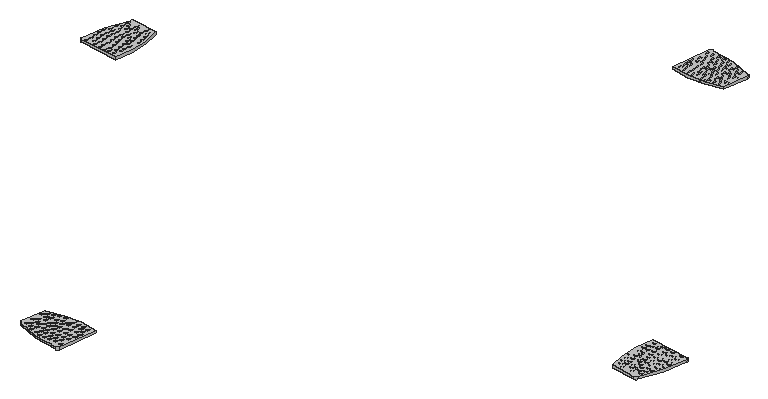
Revit family "PS-C43RTLP z", category Generic Models, host Ceiling, Revit 2016
Family settings
  Host = Ceiling
  Part Type = Normal
  Can host rebar = No
  Round Connector Dimension = Use Diameter
  Work Plane-Based = No
  Always vertical = Yes
  Cut with Voids When Loaded = No
  Shared = No
  Room Calculation Point = No
Parameters (values of type "Default")
  Width = "9.13"
  Weight Product = "6"
  Weight Dimensional = "12.8"
  Speaker Data Link = "http://www.sonance.com/assets/media/files/downloads/PS_C43RT_040457.gll"
  Sensitivity = "87"
  SPL Max = "105"
  Regulatory Compliance = "UL 1480, UL 2043, NFPA 90A, NFPA 70"
  Product Page URL = "https://www.sonance.com/professionalseries/psc43rtlp"
  Product Documentation Link = "https://www.sonance.com/assets/media/files/downloads/Pro_Series_Spec_Sheet_No_Pricing_040802.pdf"
  Power Peak = "60"
  Power Handling = "60"
  Part Number = "45181"
  Model = "PS-C43RTLP"
  Manufacturer URL = "https://www.sonance.com"
  Manufacturer = "Sonance"
  Low-Frequency Driver = "4” (100mm) Polypropylene Cone, Butyl Rubber Surround"
  Knockout = "one back-mounted, one side-mounted 0.75\""
  Input Connector = "Four pin Euroblock with loop output connections"
  Impedance = "8"
  High-Frequency Driver = "1” (25mm) Cloth Dome, Pivoting, Ferrofluid cooled"
  Height = "9.13"
  Grille = "Supplied with bezel-less white grille. Optional black grille, or square adapter with black or white grille"
  Frequency Range (-3dB) = "75Hz-20kHz"
  Frequency Range (-10dB) = "57Hz-25kHz"
  Directivity Factor (Q) = "7.6"
  Directivity (DI) = "8.1"
  Description = "4\" 2-way Round Low-profile In-ceiling Speaker with 70V/100V transformer for commercial applications"
  Depth = "3.43"
  Coverage Vertical = "120"
  Coverage Horizontal = "120"
  70V Taps = "3.8, 7.5, 15, 30"
  100V Taps = "7.5, 15, 30"
Reference planes
  plane 1 "Center (Front/Back)": y = 0
  plane 2 "Ceiling": z = 2438.4
  plane 3 "Center (Left/Right)": x = 0
  plane 4 "a": z = 2457.6
Forms (mm)
  Extrusion 1, solid, material "192-192-192-0-0.400000005960464_(1)"
    sketch origin (0, 0, 2457.6) x (0, -1, 0) y (1, 0, 0)
      loop
        line (-88.795, 27.95) -> (-95.991, 28.961)
        arc (-95.991, 28.961) -> (-96.42, 28.899) -> (-96.685, 28.555) r 0.578
        arc (-96.685, 28.555) -> (-99.082, 22.131) -> (-100.362, 15.395) r 40.543
        arc (-100.362, 15.395) -> (-100.313, 14.951) -> (-99.963, 14.675) r 0.577
        line (-99.963, 14.675) -> (-88.813, 13.108)
        arc (-88.813, 13.108) -> (-87.799, 20.527) -> (-88.795, 27.95) r 27.891
      loop
        line (-98.07, 21.344) -> (-98.705, 22.116) -> (-99.056, 21.18) -> (-98.07, 21.344)
      loop
        line (-98.157, 19.764) -> (-98.792, 20.536) -> (-99.143, 19.6) -> (-98.157, 19.764)
      loop
        line (-98.153, 18.234) -> (-98.789, 19.006) -> (-99.14, 18.07) -> (-98.153, 18.234)
      loop
        line (-98.083, 16.643) -> (-98.718, 17.415) -> (-99.069, 16.479) -> (-98.083, 16.643)
      loop
        line (-98.17, 15.063) -> (-98.805, 15.835) -> (-99.156, 14.899) -> (-98.17, 15.063)
      loop
        line (-96.268, 22.115) -> (-96.903, 22.887) -> (-97.254, 21.95) -> (-96.268, 22.115)
      loop
        line (-96.624, 20.743) -> (-97.259, 21.515) -> (-97.61, 20.579) -> (-96.624, 20.743)
      loop
        line (-96.711, 19.163) -> (-97.346, 19.936) -> (-97.697, 18.999) -> (-96.711, 19.163)
      loop
        line (-96.707, 17.633) -> (-97.343, 18.406) -> (-97.694, 17.469) -> (-96.707, 17.633)
      loop
        line (-96.637, 16.042) -> (-97.272, 16.814) -> (-97.623, 15.878) -> (-96.637, 16.042)
      loop
        line (-94.985, 22.566) -> (-95.62, 23.338) -> (-95.971, 22.401) -> (-94.985, 22.566)
      loop
        line (-95.24, 21.211) -> (-95.875, 21.983) -> (-96.226, 21.047) -> (-95.24, 21.211)
      loop
        line (-95.327, 19.631) -> (-95.962, 20.404) -> (-96.313, 19.467) -> (-95.327, 19.631)
      loop
        line (-95.323, 18.101) -> (-95.959, 18.874) -> (-96.31, 17.937) -> (-95.323, 18.101)
      loop
        line (-95.253, 16.51) -> (-95.888, 17.282) -> (-96.239, 16.346) -> (-95.253, 16.51)
      loop
        line (-95.339, 14.93) -> (-95.975, 15.703) -> (-96.326, 14.766) -> (-95.339, 14.93)
      loop
        line (-93.516, 22.138) -> (-94.151, 22.91) -> (-94.502, 21.974) -> (-93.516, 22.138)
      loop
        line (-93.729, 20.566) -> (-94.365, 21.339) -> (-94.716, 20.402) -> (-93.729, 20.566)
      loop
        line (-93.719, 18.921) -> (-94.355, 19.693) -> (-94.706, 18.757) -> (-93.719, 18.921)
      loop
        line (-93.586, 17.303) -> (-94.222, 18.075) -> (-94.573, 17.139) -> (-93.586, 17.303)
      loop
        line (-93.807, 15.909) -> (-94.442, 16.681) -> (-94.793, 15.745) -> (-93.807, 15.909)
      loop
        line (-92.177, 22.935) -> (-92.813, 23.707) -> (-93.164, 22.77) -> (-92.177, 22.935)
      loop
        line (-92.456, 21.407) -> (-93.091, 22.179) -> (-93.442, 21.243) -> (-92.456, 21.407)
      loop
        line (-92.389, 20.054) -> (-93.025, 20.826) -> (-93.375, 19.889) -> (-92.389, 20.054)
      loop
        line (-92.103, 18.662) -> (-92.738, 19.434) -> (-93.089, 18.498) -> (-92.103, 18.662)
      loop
        line (-91.727, 17.242) -> (-92.363, 18.014) -> (-92.714, 17.077) -> (-91.727, 17.242)
      loop
        line (-91.587, 15.649) -> (-92.222, 16.421) -> (-92.573, 15.485) -> (-91.587, 15.649)
      loop
        line (-91.319, 22.024) -> (-91.954, 22.797) -> (-92.305, 21.86) -> (-91.319, 22.024)
      loop
        line (-90.665, 20.619) -> (-91.3, 21.391) -> (-91.651, 20.455) -> (-90.665, 20.619)
      loop
        line (-90.361, 19.058) -> (-90.997, 19.83) -> (-91.348, 18.894) -> (-90.361, 19.058)
      loop
        line (-90.066, 17.471) -> (-90.701, 18.243) -> (-91.052, 17.307) -> (-90.066, 17.471)
      loop
        line (-89.903, 15.643) -> (-90.599, 16.489) -> (-90.984, 15.463) -> (-89.903, 15.643)
      loop
        line (-90.158, 27.013) -> (-90.794, 27.785) -> (-91.145, 26.849) -> (-90.158, 27.013)
      loop
        line (-90.437, 25.486) -> (-91.072, 26.258) -> (-91.423, 25.321) -> (-90.437, 25.486)
      loop
        line (-90.37, 24.132) -> (-91.005, 24.904) -> (-91.356, 23.968) -> (-90.37, 24.132)
      loop
        line (-90.084, 22.741) -> (-90.719, 23.513) -> (-91.07, 22.576) -> (-90.084, 22.741)
      loop
        line (-89.708, 21.32) -> (-90.344, 22.092) -> (-90.695, 21.156) -> (-89.708, 21.32)
      loop
        line (-89.568, 19.728) -> (-90.203, 20.5) -> (-90.554, 19.564) -> (-89.568, 19.728)
      loop
        line (-89.3, 26.103) -> (-89.935, 26.875) -> (-90.286, 25.939) -> (-89.3, 26.103)
      loop
        line (-88.646, 24.698) -> (-89.281, 25.47) -> (-89.632, 24.533) -> (-88.646, 24.698)
      loop
        line (-88.342, 23.137) -> (-88.978, 23.909) -> (-89.329, 22.972) -> (-88.342, 23.137)
      loop
        line (-88.047, 21.55) -> (-88.682, 22.322) -> (-89.033, 21.386) -> (-88.047, 21.55)
      loop
        line (-93.204, 27.013) -> (-93.839, 27.785) -> (-94.19, 26.849) -> (-93.204, 27.013)
      loop
        line (-93.482, 25.486) -> (-94.118, 26.258) -> (-94.469, 25.321) -> (-93.482, 25.486)
      loop
        line (-93.259, 23.859) -> (-93.895, 24.631) -> (-94.246, 23.694) -> (-93.259, 23.859)
      loop
        line (-92.346, 26.103) -> (-92.981, 26.875) -> (-93.332, 25.939) -> (-92.346, 26.103)
      loop
        line (-91.691, 24.698) -> (-92.327, 25.47) -> (-92.678, 24.533) -> (-91.691, 24.698)
      loop
        line (-95.72, 27.013) -> (-96.355, 27.785) -> (-96.706, 26.849) -> (-95.72, 27.013)
      loop
        line (-95.998, 25.486) -> (-96.634, 26.258) -> (-96.985, 25.321) -> (-95.998, 25.486)
      loop
        line (-95.58, 24.015) -> (-96.216, 24.787) -> (-96.567, 23.851) -> (-95.58, 24.015)
      loop
        line (-94.862, 26.103) -> (-95.497, 26.875) -> (-95.848, 25.939) -> (-94.862, 26.103)
      loop
        line (-94.207, 24.698) -> (-94.843, 25.47) -> (-95.194, 24.533) -> (-94.207, 24.698)
      loop
        line (-88.564, 18.796) -> (-89.2, 19.568) -> (-89.551, 18.632) -> (-88.564, 18.796)
      loop
        line (-88.843, 17.268) -> (-89.478, 18.041) -> (-89.829, 17.104) -> (-88.843, 17.268)
      loop
        line (-88.776, 15.915) -> (-89.412, 16.687) -> (-89.763, 15.751) -> (-88.776, 15.915)
      loop
        line (-93.593, 14.519) -> (-94.228, 15.291) -> (-94.579, 14.355) -> (-93.593, 14.519)
      loop
        line (-92.126, 14.274) -> (-92.762, 15.046) -> (-93.113, 14.11) -> (-92.126, 14.274)
      loop
        line (-90.938, 14.472) -> (-91.574, 15.244) -> (-91.925, 14.308) -> (-90.938, 14.472)
      loop
        line (-89.47, 14.206) -> (-90.105, 14.978) -> (-90.456, 14.042) -> (-89.47, 14.206)
      loop
        line (-97.278, 22.62) -> (-97.914, 23.393) -> (-98.265, 22.456) -> (-97.278, 22.62)
      loop
        line (-96.864, 24.482) -> (-97.5, 25.254) -> (-97.851, 24.317) -> (-96.864, 24.482)
    from 16.25 to 16.88
  Extrusion 2, solid, material "192-192-192-0-0.400000005960464_(1)"
    sketch origin (0, 0, 2457.6) x (1, 0, 0) y (0, 1, 0)
      loop
        line (-88.795, 27.95) -> (-95.991, 28.961)
        arc (-95.991, 28.961) -> (-96.42, 28.899) -> (-96.685, 28.555) r 0.578
        arc (-96.685, 28.555) -> (-99.082, 22.131) -> (-100.362, 15.395) r 40.543
        arc (-100.362, 15.395) -> (-100.313, 14.951) -> (-99.963, 14.675) r 0.577
        line (-99.963, 14.675) -> (-88.813, 13.108)
        arc (-88.813, 13.108) -> (-87.799, 20.527) -> (-88.795, 27.95) r 27.891
      loop
        line (-98.07, 21.344) -> (-98.705, 22.116) -> (-99.056, 21.18) -> (-98.07, 21.344)
      loop
        line (-98.157, 19.764) -> (-98.792, 20.536) -> (-99.143, 19.6) -> (-98.157, 19.764)
      loop
        line (-98.153, 18.234) -> (-98.789, 19.006) -> (-99.14, 18.07) -> (-98.153, 18.234)
      loop
        line (-98.083, 16.643) -> (-98.718, 17.415) -> (-99.069, 16.479) -> (-98.083, 16.643)
      loop
        line (-98.17, 15.063) -> (-98.805, 15.835) -> (-99.156, 14.899) -> (-98.17, 15.063)
      loop
        line (-96.268, 22.115) -> (-96.903, 22.887) -> (-97.254, 21.95) -> (-96.268, 22.115)
      loop
        line (-96.624, 20.743) -> (-97.259, 21.515) -> (-97.61, 20.579) -> (-96.624, 20.743)
      loop
        line (-96.711, 19.163) -> (-97.346, 19.936) -> (-97.697, 18.999) -> (-96.711, 19.163)
      loop
        line (-96.707, 17.633) -> (-97.343, 18.406) -> (-97.694, 17.469) -> (-96.707, 17.633)
      loop
        line (-96.637, 16.042) -> (-97.272, 16.814) -> (-97.623, 15.878) -> (-96.637, 16.042)
      loop
        line (-94.985, 22.566) -> (-95.62, 23.338) -> (-95.971, 22.401) -> (-94.985, 22.566)
      loop
        line (-95.24, 21.211) -> (-95.875, 21.983) -> (-96.226, 21.047) -> (-95.24, 21.211)
      loop
        line (-95.327, 19.631) -> (-95.962, 20.404) -> (-96.313, 19.467) -> (-95.327, 19.631)
      loop
        line (-95.323, 18.101) -> (-95.959, 18.874) -> (-96.31, 17.937) -> (-95.323, 18.101)
      loop
        line (-95.253, 16.51) -> (-95.888, 17.282) -> (-96.239, 16.346) -> (-95.253, 16.51)
      loop
        line (-95.339, 14.93) -> (-95.975, 15.703) -> (-96.326, 14.766) -> (-95.339, 14.93)
      loop
        line (-93.516, 22.138) -> (-94.151, 22.91) -> (-94.502, 21.974) -> (-93.516, 22.138)
      loop
        line (-93.729, 20.566) -> (-94.365, 21.339) -> (-94.716, 20.402) -> (-93.729, 20.566)
      loop
        line (-93.719, 18.921) -> (-94.355, 19.693) -> (-94.706, 18.757) -> (-93.719, 18.921)
      loop
        line (-93.586, 17.303) -> (-94.222, 18.075) -> (-94.573, 17.139) -> (-93.586, 17.303)
      loop
        line (-93.807, 15.909) -> (-94.442, 16.681) -> (-94.793, 15.745) -> (-93.807, 15.909)
      loop
        line (-92.177, 22.935) -> (-92.813, 23.707) -> (-93.164, 22.77) -> (-92.177, 22.935)
      loop
        line (-92.456, 21.407) -> (-93.091, 22.179) -> (-93.442, 21.243) -> (-92.456, 21.407)
      loop
        line (-92.389, 20.054) -> (-93.025, 20.826) -> (-93.375, 19.889) -> (-92.389, 20.054)
      loop
        line (-92.103, 18.662) -> (-92.738, 19.434) -> (-93.089, 18.498) -> (-92.103, 18.662)
      loop
        line (-91.727, 17.242) -> (-92.363, 18.014) -> (-92.714, 17.077) -> (-91.727, 17.242)
      loop
        line (-91.587, 15.649) -> (-92.222, 16.421) -> (-92.573, 15.485) -> (-91.587, 15.649)
      loop
        line (-91.319, 22.024) -> (-91.954, 22.797) -> (-92.305, 21.86) -> (-91.319, 22.024)
      loop
        line (-90.665, 20.619) -> (-91.3, 21.391) -> (-91.651, 20.455) -> (-90.665, 20.619)
      loop
        line (-90.361, 19.058) -> (-90.997, 19.83) -> (-91.348, 18.894) -> (-90.361, 19.058)
      loop
        line (-90.066, 17.471) -> (-90.701, 18.243) -> (-91.052, 17.307) -> (-90.066, 17.471)
      loop
        line (-89.903, 15.643) -> (-90.599, 16.489) -> (-90.984, 15.463) -> (-89.903, 15.643)
      loop
        line (-90.158, 27.013) -> (-90.794, 27.785) -> (-91.145, 26.849) -> (-90.158, 27.013)
      loop
        line (-90.437, 25.486) -> (-91.072, 26.258) -> (-91.423, 25.321) -> (-90.437, 25.486)
      loop
        line (-90.37, 24.132) -> (-91.005, 24.904) -> (-91.356, 23.968) -> (-90.37, 24.132)
      loop
        line (-90.084, 22.741) -> (-90.719, 23.513) -> (-91.07, 22.576) -> (-90.084, 22.741)
      loop
        line (-89.708, 21.32) -> (-90.344, 22.092) -> (-90.695, 21.156) -> (-89.708, 21.32)
      loop
        line (-89.568, 19.728) -> (-90.203, 20.5) -> (-90.554, 19.564) -> (-89.568, 19.728)
      loop
        line (-89.3, 26.103) -> (-89.935, 26.875) -> (-90.286, 25.939) -> (-89.3, 26.103)
      loop
        line (-88.646, 24.698) -> (-89.281, 25.47) -> (-89.632, 24.533) -> (-88.646, 24.698)
      loop
        line (-88.342, 23.137) -> (-88.978, 23.909) -> (-89.329, 22.972) -> (-88.342, 23.137)
      loop
        line (-88.047, 21.55) -> (-88.682, 22.322) -> (-89.033, 21.386) -> (-88.047, 21.55)
      loop
        line (-93.204, 27.013) -> (-93.839, 27.785) -> (-94.19, 26.849) -> (-93.204, 27.013)
      loop
        line (-93.482, 25.486) -> (-94.118, 26.258) -> (-94.469, 25.321) -> (-93.482, 25.486)
      loop
        line (-93.259, 23.859) -> (-93.895, 24.631) -> (-94.246, 23.694) -> (-93.259, 23.859)
      loop
        line (-92.346, 26.103) -> (-92.981, 26.875) -> (-93.332, 25.939) -> (-92.346, 26.103)
      loop
        line (-91.691, 24.698) -> (-92.327, 25.47) -> (-92.678, 24.533) -> (-91.691, 24.698)
      loop
        line (-95.72, 27.013) -> (-96.355, 27.785) -> (-96.706, 26.849) -> (-95.72, 27.013)
      loop
        line (-95.998, 25.486) -> (-96.634, 26.258) -> (-96.985, 25.321) -> (-95.998, 25.486)
      loop
        line (-95.58, 24.015) -> (-96.216, 24.787) -> (-96.567, 23.851) -> (-95.58, 24.015)
      loop
        line (-94.862, 26.103) -> (-95.497, 26.875) -> (-95.848, 25.939) -> (-94.862, 26.103)
      loop
        line (-94.207, 24.698) -> (-94.843, 25.47) -> (-95.194, 24.533) -> (-94.207, 24.698)
      loop
        line (-88.564, 18.796) -> (-89.2, 19.568) -> (-89.551, 18.632) -> (-88.564, 18.796)
      loop
        line (-88.843, 17.268) -> (-89.478, 18.041) -> (-89.829, 17.104) -> (-88.843, 17.268)
      loop
        line (-88.776, 15.915) -> (-89.412, 16.687) -> (-89.763, 15.751) -> (-88.776, 15.915)
      loop
        line (-93.593, 14.519) -> (-94.228, 15.291) -> (-94.579, 14.355) -> (-93.593, 14.519)
      loop
        line (-92.126, 14.274) -> (-92.762, 15.046) -> (-93.113, 14.11) -> (-92.126, 14.274)
      loop
        line (-90.938, 14.472) -> (-91.574, 15.244) -> (-91.925, 14.308) -> (-90.938, 14.472)
      loop
        line (-89.47, 14.206) -> (-90.105, 14.978) -> (-90.456, 14.042) -> (-89.47, 14.206)
      loop
        line (-97.278, 22.62) -> (-97.914, 23.393) -> (-98.265, 22.456) -> (-97.278, 22.62)
      loop
        line (-96.864, 24.482) -> (-97.5, 25.254) -> (-97.851, 24.317) -> (-96.864, 24.482)
    from 16.25 to 16.88
  Extrusion 3, solid, material "192-192-192-0-0.400000005960464_(1)"
    sketch origin (0, 0, 2457.6) x (0, 1, 0) y (-1, 0, 0)
      loop
        line (-88.795, 27.95) -> (-95.991, 28.961)
        arc (-95.991, 28.961) -> (-96.42, 28.899) -> (-96.685, 28.555) r 0.578
        arc (-96.685, 28.555) -> (-99.082, 22.131) -> (-100.362, 15.395) r 40.543
        arc (-100.362, 15.395) -> (-100.313, 14.951) -> (-99.963, 14.675) r 0.577
        line (-99.963, 14.675) -> (-88.813, 13.108)
        arc (-88.813, 13.108) -> (-87.799, 20.527) -> (-88.795, 27.95) r 27.891
      loop
        line (-98.07, 21.344) -> (-98.705, 22.116) -> (-99.056, 21.18) -> (-98.07, 21.344)
      loop
        line (-98.157, 19.764) -> (-98.792, 20.536) -> (-99.143, 19.6) -> (-98.157, 19.764)
      loop
        line (-98.153, 18.234) -> (-98.789, 19.006) -> (-99.14, 18.07) -> (-98.153, 18.234)
      loop
        line (-98.083, 16.643) -> (-98.718, 17.415) -> (-99.069, 16.479) -> (-98.083, 16.643)
      loop
        line (-98.17, 15.063) -> (-98.805, 15.835) -> (-99.156, 14.899) -> (-98.17, 15.063)
      loop
        line (-96.268, 22.115) -> (-96.903, 22.887) -> (-97.254, 21.95) -> (-96.268, 22.115)
      loop
        line (-96.624, 20.743) -> (-97.259, 21.515) -> (-97.61, 20.579) -> (-96.624, 20.743)
      loop
        line (-96.711, 19.163) -> (-97.346, 19.936) -> (-97.697, 18.999) -> (-96.711, 19.163)
      loop
        line (-96.707, 17.633) -> (-97.343, 18.406) -> (-97.694, 17.469) -> (-96.707, 17.633)
      loop
        line (-96.637, 16.042) -> (-97.272, 16.814) -> (-97.623, 15.878) -> (-96.637, 16.042)
      loop
        line (-94.985, 22.566) -> (-95.62, 23.338) -> (-95.971, 22.401) -> (-94.985, 22.566)
      loop
        line (-95.24, 21.211) -> (-95.875, 21.983) -> (-96.226, 21.047) -> (-95.24, 21.211)
      loop
        line (-95.327, 19.631) -> (-95.962, 20.404) -> (-96.313, 19.467) -> (-95.327, 19.631)
      loop
        line (-95.323, 18.101) -> (-95.959, 18.874) -> (-96.31, 17.937) -> (-95.323, 18.101)
      loop
        line (-95.253, 16.51) -> (-95.888, 17.282) -> (-96.239, 16.346) -> (-95.253, 16.51)
      loop
        line (-95.339, 14.93) -> (-95.975, 15.703) -> (-96.326, 14.766) -> (-95.339, 14.93)
      loop
        line (-93.516, 22.138) -> (-94.151, 22.91) -> (-94.502, 21.974) -> (-93.516, 22.138)
      loop
        line (-93.729, 20.566) -> (-94.365, 21.339) -> (-94.716, 20.402) -> (-93.729, 20.566)
      loop
        line (-93.719, 18.921) -> (-94.355, 19.693) -> (-94.706, 18.757) -> (-93.719, 18.921)
      loop
        line (-93.586, 17.303) -> (-94.222, 18.075) -> (-94.573, 17.139) -> (-93.586, 17.303)
      loop
        line (-93.807, 15.909) -> (-94.442, 16.681) -> (-94.793, 15.745) -> (-93.807, 15.909)
      loop
        line (-92.177, 22.935) -> (-92.813, 23.707) -> (-93.164, 22.77) -> (-92.177, 22.935)
      loop
        line (-92.456, 21.407) -> (-93.091, 22.179) -> (-93.442, 21.243) -> (-92.456, 21.407)
      loop
        line (-92.389, 20.054) -> (-93.025, 20.826) -> (-93.375, 19.889) -> (-92.389, 20.054)
      loop
        line (-92.103, 18.662) -> (-92.738, 19.434) -> (-93.089, 18.498) -> (-92.103, 18.662)
      loop
        line (-91.727, 17.242) -> (-92.363, 18.014) -> (-92.714, 17.077) -> (-91.727, 17.242)
      loop
        line (-91.587, 15.649) -> (-92.222, 16.421) -> (-92.573, 15.485) -> (-91.587, 15.649)
      loop
        line (-91.319, 22.024) -> (-91.954, 22.797) -> (-92.305, 21.86) -> (-91.319, 22.024)
      loop
        line (-90.665, 20.619) -> (-91.3, 21.391) -> (-91.651, 20.455) -> (-90.665, 20.619)
      loop
        line (-90.361, 19.058) -> (-90.997, 19.83) -> (-91.348, 18.894) -> (-90.361, 19.058)
      loop
        line (-90.066, 17.471) -> (-90.701, 18.243) -> (-91.052, 17.307) -> (-90.066, 17.471)
      loop
        line (-89.903, 15.643) -> (-90.599, 16.489) -> (-90.984, 15.463) -> (-89.903, 15.643)
      loop
        line (-90.158, 27.013) -> (-90.794, 27.785) -> (-91.145, 26.849) -> (-90.158, 27.013)
      loop
        line (-90.437, 25.486) -> (-91.072, 26.258) -> (-91.423, 25.321) -> (-90.437, 25.486)
      loop
        line (-90.37, 24.132) -> (-91.005, 24.904) -> (-91.356, 23.968) -> (-90.37, 24.132)
      loop
        line (-90.084, 22.741) -> (-90.719, 23.513) -> (-91.07, 22.576) -> (-90.084, 22.741)
      loop
        line (-89.708, 21.32) -> (-90.344, 22.092) -> (-90.695, 21.156) -> (-89.708, 21.32)
      loop
        line (-89.568, 19.728) -> (-90.203, 20.5) -> (-90.554, 19.564) -> (-89.568, 19.728)
      loop
        line (-89.3, 26.103) -> (-89.935, 26.875) -> (-90.286, 25.939) -> (-89.3, 26.103)
      loop
        line (-88.646, 24.698) -> (-89.281, 25.47) -> (-89.632, 24.533) -> (-88.646, 24.698)
      loop
        line (-88.342, 23.137) -> (-88.978, 23.909) -> (-89.329, 22.972) -> (-88.342, 23.137)
      loop
        line (-88.047, 21.55) -> (-88.682, 22.322) -> (-89.033, 21.386) -> (-88.047, 21.55)
      loop
        line (-93.204, 27.013) -> (-93.839, 27.785) -> (-94.19, 26.849) -> (-93.204, 27.013)
      loop
        line (-93.482, 25.486) -> (-94.118, 26.258) -> (-94.469, 25.321) -> (-93.482, 25.486)
      loop
        line (-93.259, 23.859) -> (-93.895, 24.631) -> (-94.246, 23.694) -> (-93.259, 23.859)
      loop
        line (-92.346, 26.103) -> (-92.981, 26.875) -> (-93.332, 25.939) -> (-92.346, 26.103)
      loop
        line (-91.691, 24.698) -> (-92.327, 25.47) -> (-92.678, 24.533) -> (-91.691, 24.698)
      loop
        line (-95.72, 27.013) -> (-96.355, 27.785) -> (-96.706, 26.849) -> (-95.72, 27.013)
      loop
        line (-95.998, 25.486) -> (-96.634, 26.258) -> (-96.985, 25.321) -> (-95.998, 25.486)
      loop
        line (-95.58, 24.015) -> (-96.216, 24.787) -> (-96.567, 23.851) -> (-95.58, 24.015)
      loop
        line (-94.862, 26.103) -> (-95.497, 26.875) -> (-95.848, 25.939) -> (-94.862, 26.103)
      loop
        line (-94.207, 24.698) -> (-94.843, 25.47) -> (-95.194, 24.533) -> (-94.207, 24.698)
      loop
        line (-88.564, 18.796) -> (-89.2, 19.568) -> (-89.551, 18.632) -> (-88.564, 18.796)
      loop
        line (-88.843, 17.268) -> (-89.478, 18.041) -> (-89.829, 17.104) -> (-88.843, 17.268)
      loop
        line (-88.776, 15.915) -> (-89.412, 16.687) -> (-89.763, 15.751) -> (-88.776, 15.915)
      loop
        line (-93.593, 14.519) -> (-94.228, 15.291) -> (-94.579, 14.355) -> (-93.593, 14.519)
      loop
        line (-92.126, 14.274) -> (-92.762, 15.046) -> (-93.113, 14.11) -> (-92.126, 14.274)
      loop
        line (-90.938, 14.472) -> (-91.574, 15.244) -> (-91.925, 14.308) -> (-90.938, 14.472)
      loop
        line (-89.47, 14.206) -> (-90.105, 14.978) -> (-90.456, 14.042) -> (-89.47, 14.206)
      loop
        line (-97.278, 22.62) -> (-97.914, 23.393) -> (-98.265, 22.456) -> (-97.278, 22.62)
      loop
        line (-96.864, 24.482) -> (-97.5, 25.254) -> (-97.851, 24.317) -> (-96.864, 24.482)
    from 16.25 to 16.88
  Extrusion 4, solid, material "192-192-192-0-0.400000005960464_(1)"
    sketch origin (0, 0, 2457.6) x (-1, 0, 0) y (0, -1, 0)
      loop
        line (-88.795, 27.95) -> (-95.991, 28.961)
        arc (-95.991, 28.961) -> (-96.42, 28.899) -> (-96.685, 28.555) r 0.578
        arc (-96.685, 28.555) -> (-99.082, 22.131) -> (-100.362, 15.395) r 40.543
        arc (-100.362, 15.395) -> (-100.313, 14.951) -> (-99.963, 14.675) r 0.577
        line (-99.963, 14.675) -> (-88.813, 13.108)
        arc (-88.813, 13.108) -> (-87.799, 20.527) -> (-88.795, 27.95) r 27.891
      loop
        line (-98.07, 21.344) -> (-98.705, 22.116) -> (-99.056, 21.18) -> (-98.07, 21.344)
      loop
        line (-98.157, 19.764) -> (-98.792, 20.536) -> (-99.143, 19.6) -> (-98.157, 19.764)
      loop
        line (-98.153, 18.234) -> (-98.789, 19.006) -> (-99.14, 18.07) -> (-98.153, 18.234)
      loop
        line (-98.083, 16.643) -> (-98.718, 17.415) -> (-99.069, 16.479) -> (-98.083, 16.643)
      loop
        line (-98.17, 15.063) -> (-98.805, 15.835) -> (-99.156, 14.899) -> (-98.17, 15.063)
      loop
        line (-96.268, 22.115) -> (-96.903, 22.887) -> (-97.254, 21.95) -> (-96.268, 22.115)
      loop
        line (-96.624, 20.743) -> (-97.259, 21.515) -> (-97.61, 20.579) -> (-96.624, 20.743)
      loop
        line (-96.711, 19.163) -> (-97.346, 19.936) -> (-97.697, 18.999) -> (-96.711, 19.163)
      loop
        line (-96.707, 17.633) -> (-97.343, 18.406) -> (-97.694, 17.469) -> (-96.707, 17.633)
      loop
        line (-96.637, 16.042) -> (-97.272, 16.814) -> (-97.623, 15.878) -> (-96.637, 16.042)
      loop
        line (-94.985, 22.566) -> (-95.62, 23.338) -> (-95.971, 22.401) -> (-94.985, 22.566)
      loop
        line (-95.24, 21.211) -> (-95.875, 21.983) -> (-96.226, 21.047) -> (-95.24, 21.211)
      loop
        line (-95.327, 19.631) -> (-95.962, 20.404) -> (-96.313, 19.467) -> (-95.327, 19.631)
      loop
        line (-95.323, 18.101) -> (-95.959, 18.874) -> (-96.31, 17.937) -> (-95.323, 18.101)
      loop
        line (-95.253, 16.51) -> (-95.888, 17.282) -> (-96.239, 16.346) -> (-95.253, 16.51)
      loop
        line (-95.339, 14.93) -> (-95.975, 15.703) -> (-96.326, 14.766) -> (-95.339, 14.93)
      loop
        line (-93.516, 22.138) -> (-94.151, 22.91) -> (-94.502, 21.974) -> (-93.516, 22.138)
      loop
        line (-93.729, 20.566) -> (-94.365, 21.339) -> (-94.716, 20.402) -> (-93.729, 20.566)
      loop
        line (-93.719, 18.921) -> (-94.355, 19.693) -> (-94.706, 18.757) -> (-93.719, 18.921)
      loop
        line (-93.586, 17.303) -> (-94.222, 18.075) -> (-94.573, 17.139) -> (-93.586, 17.303)
      loop
        line (-93.807, 15.909) -> (-94.442, 16.681) -> (-94.793, 15.745) -> (-93.807, 15.909)
      loop
        line (-92.177, 22.935) -> (-92.813, 23.707) -> (-93.164, 22.77) -> (-92.177, 22.935)
      loop
        line (-92.456, 21.407) -> (-93.091, 22.179) -> (-93.442, 21.243) -> (-92.456, 21.407)
      loop
        line (-92.389, 20.054) -> (-93.025, 20.826) -> (-93.375, 19.889) -> (-92.389, 20.054)
      loop
        line (-92.103, 18.662) -> (-92.738, 19.434) -> (-93.089, 18.498) -> (-92.103, 18.662)
      loop
        line (-91.727, 17.242) -> (-92.363, 18.014) -> (-92.714, 17.077) -> (-91.727, 17.242)
      loop
        line (-91.587, 15.649) -> (-92.222, 16.421) -> (-92.573, 15.485) -> (-91.587, 15.649)
      loop
        line (-91.319, 22.024) -> (-91.954, 22.797) -> (-92.305, 21.86) -> (-91.319, 22.024)
      loop
        line (-90.665, 20.619) -> (-91.3, 21.391) -> (-91.651, 20.455) -> (-90.665, 20.619)
      loop
        line (-90.361, 19.058) -> (-90.997, 19.83) -> (-91.348, 18.894) -> (-90.361, 19.058)
      loop
        line (-90.066, 17.471) -> (-90.701, 18.243) -> (-91.052, 17.307) -> (-90.066, 17.471)
      loop
        line (-89.903, 15.643) -> (-90.599, 16.489) -> (-90.984, 15.463) -> (-89.903, 15.643)
      loop
        line (-90.158, 27.013) -> (-90.794, 27.785) -> (-91.145, 26.849) -> (-90.158, 27.013)
      loop
        line (-90.437, 25.486) -> (-91.072, 26.258) -> (-91.423, 25.321) -> (-90.437, 25.486)
      loop
        line (-90.37, 24.132) -> (-91.005, 24.904) -> (-91.356, 23.968) -> (-90.37, 24.132)
      loop
        line (-90.084, 22.741) -> (-90.719, 23.513) -> (-91.07, 22.576) -> (-90.084, 22.741)
      loop
        line (-89.708, 21.32) -> (-90.344, 22.092) -> (-90.695, 21.156) -> (-89.708, 21.32)
      loop
        line (-89.568, 19.728) -> (-90.203, 20.5) -> (-90.554, 19.564) -> (-89.568, 19.728)
      loop
        line (-89.3, 26.103) -> (-89.935, 26.875) -> (-90.286, 25.939) -> (-89.3, 26.103)
      loop
        line (-88.646, 24.698) -> (-89.281, 25.47) -> (-89.632, 24.533) -> (-88.646, 24.698)
      loop
        line (-88.342, 23.137) -> (-88.978, 23.909) -> (-89.329, 22.972) -> (-88.342, 23.137)
      loop
        line (-88.047, 21.55) -> (-88.682, 22.322) -> (-89.033, 21.386) -> (-88.047, 21.55)
      loop
        line (-93.204, 27.013) -> (-93.839, 27.785) -> (-94.19, 26.849) -> (-93.204, 27.013)
      loop
        line (-93.482, 25.486) -> (-94.118, 26.258) -> (-94.469, 25.321) -> (-93.482, 25.486)
      loop
        line (-93.259, 23.859) -> (-93.895, 24.631) -> (-94.246, 23.694) -> (-93.259, 23.859)
      loop
        line (-92.346, 26.103) -> (-92.981, 26.875) -> (-93.332, 25.939) -> (-92.346, 26.103)
      loop
        line (-91.691, 24.698) -> (-92.327, 25.47) -> (-92.678, 24.533) -> (-91.691, 24.698)
      loop
        line (-95.72, 27.013) -> (-96.355, 27.785) -> (-96.706, 26.849) -> (-95.72, 27.013)
      loop
        line (-95.998, 25.486) -> (-96.634, 26.258) -> (-96.985, 25.321) -> (-95.998, 25.486)
      loop
        line (-95.58, 24.015) -> (-96.216, 24.787) -> (-96.567, 23.851) -> (-95.58, 24.015)
      loop
        line (-94.862, 26.103) -> (-95.497, 26.875) -> (-95.848, 25.939) -> (-94.862, 26.103)
      loop
        line (-94.207, 24.698) -> (-94.843, 25.47) -> (-95.194, 24.533) -> (-94.207, 24.698)
      loop
        line (-88.564, 18.796) -> (-89.2, 19.568) -> (-89.551, 18.632) -> (-88.564, 18.796)
      loop
        line (-88.843, 17.268) -> (-89.478, 18.041) -> (-89.829, 17.104) -> (-88.843, 17.268)
      loop
        line (-88.776, 15.915) -> (-89.412, 16.687) -> (-89.763, 15.751) -> (-88.776, 15.915)
      loop
        line (-93.593, 14.519) -> (-94.228, 15.291) -> (-94.579, 14.355) -> (-93.593, 14.519)
      loop
        line (-92.126, 14.274) -> (-92.762, 15.046) -> (-93.113, 14.11) -> (-92.126, 14.274)
      loop
        line (-90.938, 14.472) -> (-91.574, 15.244) -> (-91.925, 14.308) -> (-90.938, 14.472)
      loop
        line (-89.47, 14.206) -> (-90.105, 14.978) -> (-90.456, 14.042) -> (-89.47, 14.206)
      loop
        line (-97.278, 22.62) -> (-97.914, 23.393) -> (-98.265, 22.456) -> (-97.278, 22.62)
      loop
        line (-96.864, 24.482) -> (-97.5, 25.254) -> (-97.851, 24.317) -> (-96.864, 24.482)
    from 16.25 to 16.88
Lines and regions (mm)
  Opening 1
    outline origin (0, 0, 2438.4) x (1, 0, 0) y (0, 1, 0)
      loop
        circle (0, 0) r 114.707
Dimensions and locks
  equal spacing: host sketch curve, plane 3 "Center (Left/Right)", host sketch curve
  equal spacing: host sketch curve, plane 1 "Center (Front/Back)", host sketch curve
  host sketch curve to host sketch curve = 3048.000 mm  (x2)
